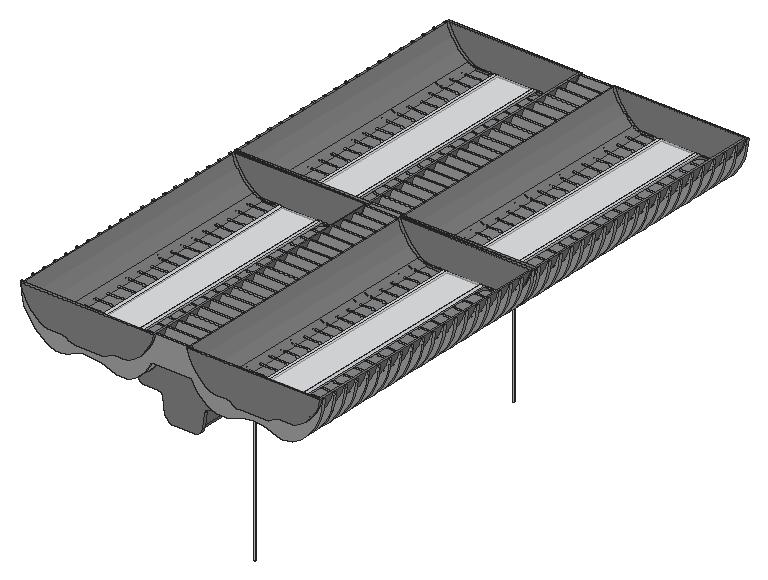
Revit family "0039270 Feilo Sylvania Lighting Fixtures SYLBAY LED 4000K 31KLM AISLE DALI", category Lighting Fixtures, host Face, Revit 2017 (continued)
Definition of nested family "SylbayBody"
  Definition of nested family "SlybayRib"
    Forms (mm)
      Extrusion 2, solid, material <- "BodyMaterial"
        sketch origin (0, 0, 0) x (1, 0, 0) y (0, 0, 1)
          loop
            arc (-117.917, -43.728) -> (-121.079, -43.215) -> (-123.917, -41.728) r 10
            line (-123.917, -41.728) -> (-126.583, -39.728)
            arc (-126.583, -39.728) -> (-129.421, -38.242) -> (-132.583, -37.728) r 10
            line (-132.583, -37.728) -> (-145.75, -37.728)
            arc (-145.75, -37.728) -> (-153.193, -36.71) -> (-160.088, -33.728) r 27.697
            arc (-160.088, -33.728) -> (-176.046, -19.314) -> (-185.5, 0) r 56.788
            line (-185.5, 0) -> (-187.5, 0)
        from 1.25 <- "RibExtrusionStart_FEILO" to -1.25 <- "RibExtrusionEnd_FEILO"
    Dimensions and locks
      equal spacing: plane 5, plane 3 "Center (Left/Right)", plane 4
      locked: plane 5 to plane 4 at 375
      locked: plane 6 to plane 7 at 62.478
      locked: plane 6 to plane 8 at 53.728
      equal spacing: plane 10, plane 3 "Center (Left/Right)", plane 9
      plane 3 "Center (Left/Right)" to plane 9 = 102.75 mm
      locked: plane 6 to plane 11 at 33.728
      equal spacing: plane 13, plane 9, plane 12
      locked: plane 14 to plane 8 at 10
      equal spacing: plane 16, plane 9, plane 15
      locked: plane 9 to plane 15 at 20
      locked: plane 17 to plane 14 at 6
      equal spacing: plane 19, plane 9, plane 18
      locked: plane 15 to plane 18 at 8
      equal spacing: plane 21, plane 9, plane 20
      locked: plane 18 to plane 20 at 15
      locked: plane 13 to plane 22 at 5.3
      locked: plane 3 "Center (Left/Right)" to Extrusion 2 sketch curve at 83.982  (x2)
      locked: plane 3 "Center (Left/Right)" to Extrusion 2 sketch curve at 79.005  (x2)
      locked: plane 3 "Center (Left/Right)" to Extrusion 2 sketch curve at 119.907  (x2)
      locked: plane 3 "Center (Left/Right)" to Extrusion 2 sketch curve at 61.405  (x2)
      locked: plane 3 "Center (Left/Right)" to Extrusion 2 sketch curve at 138.973  (x2)
      locked: plane 3 "Center (Left/Right)" to Extrusion 2 sketch curve at 84.583  (x2)
      locked: plane 3 "Center (Left/Right)" to Extrusion 2 sketch curve at 117.917  (x2)
      locked: plane 3 "Center (Left/Right)" to Extrusion 2 sketch curve at 132.583  (x2)
      locked: plane 3 "Center (Left/Right)" to Extrusion 2 sketch curve at 69.917  (x2)
      locked: Extrusion 2 sketch curve to plane 6 at 21.825  (x2)
      locked: Extrusion 2 sketch curve to plane 6 at 0.822  (x2)
      locked: plane 6 to Extrusion 2 sketch curve at 10.994  (x2)
      locked: plane 6 to Extrusion 2 sketch curve at 15.285  (x2)
      locked: plane 6 to Extrusion 2 sketch curve at 31.076  (x2)
      locked: plane 6 to Extrusion 2 sketch curve at 33.728  (x4)
      locked: plane 6 to Extrusion 2 sketch curve at 29.917  (x2)
      locked: plane 6 to Extrusion 2 sketch curve at 47.728  (x4)
      locked: plane 6 to Extrusion 2 sketch curve at 100.413  (x2)
      locked: plane 6 to Extrusion 2 sketch curve at 141.419  (x2)
      locked: plane 3 "Center (Left/Right)" to Extrusion 2 sketch curve at 106.788  (x2)
      locked: plane 3 "Center (Left/Right)" to Extrusion 2 sketch curve at 104.198  (x2)
      locked: plane 3 "Center (Left/Right)" to Extrusion 2 sketch curve at 130.69  (x2)
      locked: Extrusion 2 sketch curve to plane 6 at 14.858  (x2)
      locked: plane 6 to Extrusion 2 sketch curve at 10.032  (x2)
      locked: plane 3 "Center (Left/Right)" to Extrusion 2 sketch curve at 145.75  (x2)
      aligned and locked: plane 2 to Extrusion 1
      aligned and locked: level to Extrusion 1
      aligned and locked: plane 6 to Extrusion 2 sketch curve
      aligned and locked: plane 4 to Extrusion 2 sketch curve
      aligned and locked: plane 17 to Extrusion 2 sketch curve
      aligned and locked: plane 14 to Extrusion 2 sketch curve
      aligned and locked: Extrusion 2 sketch curve to plane 17
      aligned and locked: plane 8 to Extrusion 2 sketch curve  (x3)
      aligned and locked: plane 2 to plane 6
      aligned and locked: plane 20 to Extrusion 2 sketch curve
      aligned and locked: plane 11 to Extrusion 2 sketch curve  (x2)
      aligned and locked: plane 12 to Extrusion 2 sketch curve
      aligned and locked: Extrusion 2 sketch curve to plane 6
      aligned and locked: Extrusion 2 sketch curve to level
      aligned and locked: Extrusion 2 sketch curve to plane 11
    Automatic sketch dimensions
      Extrusion 1 sketch curve to Extrusion 1 sketch curve = 2438.4 mm  (x2)
      Extrusion 2 sketch curve to plane 11 = 0 mm  (x6)
      Extrusion 2 sketch curve to plane 8 = 0 mm  (x7)
      Extrusion 2 sketch curve to plane 17 = 0 mm
      Extrusion 2 sketch curve to plane 5 = 0 mm
      Extrusion 2 sketch curve to plane 14 = 0 mm
      Extrusion 2 sketch curve to plane 17 = 2 mm  (x3)
      Extrusion 2 sketch curve to plane 15 = 1.167 mm
      plane 14 to Extrusion 2 sketch curve = 2 mm  (x3)
      Extrusion 2 sketch curve to plane 19 = 1.167 mm
Definition of nested family "SlybayRib"
  Parameters (values of type "SylbayRib")
    URL = "http://www.feilosylvania.com"
    Type Image = (empty or 0)
    Type Comments = "n/a"
    RibThickness_FEILO = 2.5 mm
    RibExtrusionStart_FEILO = RibThickness_FEILO / 2  # 1.25 mm
    RibExtrusionEnd_FEILO = -RibThickness_FEILO / 2  # -1.25 mm
    RibDistance_FEILO = 0 mm
    Model = ""
    Manufacturer = "Feilo Sylvania"
    Keynote = ""
    Description = "n/a"
    Default Elevation = 1219.2 mm
    Cost = 0
    BodyMaterial = none
    Assembly Code = ""
  Reference planes
    plane 1 "Center (Front/Back)": y = 0
    plane 2: z = 0
    plane 3 "Center (Left/Right)": x = 0
    plane 4: x = -187.5
    plane 5: x = 187.5
    plane 6: z = 0
    plane 7: z = -62.478
    plane 8: z = -53.728
    plane 9: x = -102.75
    plane 10: x = 102.75
    plane 11: z = -33.728
    plane 12: x = -185.5
    plane 13: x = -20
    plane 14: z = -43.728
    plane 15: x = -122.75
    plane 16: x = -82.75
    plane 17: z = -37.728
    plane 18: x = -130.75
    plane 19: x = -74.75
    plane 20: x = -145.75
    plane 21: x = -59.75
    plane 22: x = -25.3
  Forms (mm)
    Extrusion 1, solid
      sketch origin (4.2, 0, 0) x (1, 0, 0) y (0, 1, 0)
        loop
          line (-1219.2, 1219.2) -> (-1219.2, -1219.2) -> (1219.2, -1219.2) -> (1219.2, 1219.2) -> (-1219.2, 1219.2)
      from 0 to -304.8
    Extrusion 2, solid, material <- "BodyMaterial"
      sketch origin (0, 0, 0) x (1, 0, 0) y (0, 0, 1)
        loop
          arc (-187.5, 0) -> (-180.003, -30.129) -> (-159.829, -53.728) r 67.598
          arc (-159.829, -53.728) -> (-143.258, -61.567) -> (-125.169, -58.599) r 30.791
          arc (-125.169, -58.599) -> (-113.533, -54.576) -> (-101.25, -53.728) r 46.777
          arc (-101.25, -53.728) -> (-87.202, -55.765) -> (-73.664, -60.037) r 87.865
          arc (-73.664, -60.037) -> (-55.541, -61.903) -> (-39.258, -53.728) r 32.519
          arc (-39.258, -53.728) -> (-31.199, -44.469) -> (-25.254, -33.728) r 58.361
          line (-25.254, -33.728) -> (25.254, -33.728)
          arc (25.254, -33.728) -> (31.199, -44.469) -> (39.258, -53.728) r 58.361
          arc (39.258, -53.728) -> (55.541, -61.903) -> (73.664, -60.037) r 32.519
          arc (73.664, -60.037) -> (87.202, -55.765) -> (101.25, -53.728) r 87.865
          arc (101.25, -53.728) -> (113.533, -54.576) -> (125.169, -58.599) r 46.777
          arc (125.169, -58.599) -> (143.258, -61.567) -> (159.829, -53.728) r 30.791
          arc (159.829, -53.728) -> (180.003, -30.129) -> (187.5, 0) r 67.598
          line (187.5, 0) -> (185.5, 0)
          arc (185.5, 0) -> (176.046, -19.314) -> (160.088, -33.728) r 56.788
          arc (160.088, -33.728) -> (153.193, -36.71) -> (145.75, -37.728) r 27.697
          line (145.75, -37.728) -> (132.583, -37.728)
          arc (132.583, -37.728) -> (129.421, -38.242) -> (126.583, -39.728) r 10
          line (126.583, -39.728) -> (123.917, -41.728)
          arc (123.917, -41.728) -> (121.079, -43.215) -> (117.917, -43.728) r 10
          line (117.917, -43.728) -> (84.583, -43.728)
          arc (84.583, -43.728) -> (81.421, -43.215) -> (78.583, -41.728) r 10
          line (78.583, -41.728) -> (75.917, -39.728)
          arc (75.917, -39.728) -> (73.079, -38.242) -> (69.917, -37.728) r 10
          line (69.917, -37.728) -> (58.25, -37.728)
          arc (58.25, -37.728) -> (51.55, -36.705) -> (45.461, -33.728) r 22.443
          arc (45.461, -33.728) -> (30.027, -18.905) -> (20, 0) r 67.602
          line (20, 0) -> (-20, 0)
          arc (-20, 0) -> (-30.027, -18.905) -> (-45.461, -33.728) r 67.602
          arc (-45.461, -33.728) -> (-51.55, -36.705) -> (-58.25, -37.728) r 22.443
          line (-58.25, -37.728) -> (-69.917, -37.728)
          arc (-69.917, -37.728) -> (-73.079, -38.242) -> (-75.917, -39.728) r 10
          line (-75.917, -39.728) -> (-78.583, -41.728)
          arc (-78.583, -41.728) -> (-81.421, -43.215) -> (-84.583, -43.728) r 10
          line (-84.583, -43.728) -> (-117.917, -43.728)
          arc (-117.917, -43.728) -> (-121.079, -43.215) -> (-123.917, -41.728) r 10
          line (-123.917, -41.728) -> (-126.583, -39.728)
          arc (-126.583, -39.728) -> (-129.421, -38.242) -> (-132.583, -37.728) r 10
          line (-132.583, -37.728) -> (-145.75, -37.728)
          arc (-145.75, -37.728) -> (-153.193, -36.71) -> (-160.088, -33.728) r 27.697
          arc (-160.088, -33.728) -> (-176.046, -19.314) -> (-185.5, 0) r 56.788
          line (-185.5, 0) -> (-187.5, 0)
      from 1.25 <- "RibExtrusionStart_FEILO" to -1.25 <- "RibExtrusionEnd_FEILO"
  Dimensions and locks
    equal spacing: plane 5, plane 3 "Center (Left/Right)", plane 4
    locked: plane 5 to plane 4 at 375
    locked: plane 6 to plane 7 at 62.478
    locked: plane 6 to plane 8 at 53.728
    equal spacing: plane 10, plane 3 "Center (Left/Right)", plane 9
    plane 3 "Center (Left/Right)" to plane 9 = 102.75 mm
    locked: plane 6 to plane 11 at 33.728
    equal spacing: plane 13, plane 9, plane 12
    locked: plane 14 to plane 8 at 10
    equal spacing: plane 16, plane 9, plane 15
    locked: plane 9 to plane 15 at 20
    locked: plane 17 to plane 14 at 6
    equal spacing: plane 19, plane 9, plane 18
    locked: plane 15 to plane 18 at 8
    equal spacing: plane 21, plane 9, plane 20
    locked: plane 18 to plane 20 at 15
    locked: plane 13 to plane 22 at 5.3
    locked: plane 3 "Center (Left/Right)" to Extrusion 2 sketch curve at 83.982  (x2)
    locked: plane 3 "Center (Left/Right)" to Extrusion 2 sketch curve at 79.005  (x2)
    locked: plane 3 "Center (Left/Right)" to Extrusion 2 sketch curve at 119.907  (x2)
    locked: plane 3 "Center (Left/Right)" to Extrusion 2 sketch curve at 61.405  (x2)
    locked: plane 3 "Center (Left/Right)" to Extrusion 2 sketch curve at 138.973  (x2)
    locked: plane 3 "Center (Left/Right)" to Extrusion 2 sketch curve at 84.583  (x2)
    locked: plane 3 "Center (Left/Right)" to Extrusion 2 sketch curve at 117.917  (x2)
    locked: plane 3 "Center (Left/Right)" to Extrusion 2 sketch curve at 132.583  (x2)
    locked: plane 3 "Center (Left/Right)" to Extrusion 2 sketch curve at 69.917  (x2)
    locked: Extrusion 2 sketch curve to plane 6 at 21.825  (x2)
    locked: Extrusion 2 sketch curve to plane 6 at 0.822  (x2)
    locked: plane 6 to Extrusion 2 sketch curve at 10.994  (x2)
    locked: plane 6 to Extrusion 2 sketch curve at 15.285  (x2)
    locked: plane 6 to Extrusion 2 sketch curve at 31.076  (x2)
    locked: plane 6 to Extrusion 2 sketch curve at 33.728  (x4)
    locked: plane 6 to Extrusion 2 sketch curve at 29.917  (x2)
    locked: plane 6 to Extrusion 2 sketch curve at 47.728  (x4)
    locked: plane 6 to Extrusion 2 sketch curve at 100.413  (x2)
    locked: plane 6 to Extrusion 2 sketch curve at 141.419  (x2)
    locked: plane 3 "Center (Left/Right)" to Extrusion 2 sketch curve at 106.788  (x2)
    locked: plane 3 "Center (Left/Right)" to Extrusion 2 sketch curve at 104.198  (x2)
    locked: plane 3 "Center (Left/Right)" to Extrusion 2 sketch curve at 130.69  (x2)
    locked: Extrusion 2 sketch curve to plane 6 at 14.858  (x2)
    locked: plane 6 to Extrusion 2 sketch curve at 10.032  (x2)
    locked: plane 3 "Center (Left/Right)" to Extrusion 2 sketch curve at 145.75  (x2)
    aligned and locked: plane 2 to Extrusion 1
    aligned and locked: level to Extrusion 1
    aligned and locked: plane 6 to Extrusion 2 sketch curve
    aligned and locked: plane 4 to Extrusion 2 sketch curve
    aligned and locked: plane 17 to Extrusion 2 sketch curve
    aligned and locked: plane 14 to Extrusion 2 sketch curve
    aligned and locked: Extrusion 2 sketch curve to plane 17
    aligned and locked: plane 8 to Extrusion 2 sketch curve  (x3)
    aligned and locked: plane 2 to plane 6
    aligned and locked: plane 20 to Extrusion 2 sketch curve
    aligned and locked: plane 11 to Extrusion 2 sketch curve  (x2)
    aligned and locked: plane 12 to Extrusion 2 sketch curve
    aligned and locked: Extrusion 2 sketch curve to plane 6
    aligned and locked: Extrusion 2 sketch curve to level
    aligned and locked: Extrusion 2 sketch curve to plane 11
  Automatic sketch dimensions
    Extrusion 1 sketch curve to Extrusion 1 sketch curve = 2438.4 mm  (x2)
    Extrusion 2 sketch curve to plane 11 = 0 mm  (x6)
    Extrusion 2 sketch curve to plane 8 = 0 mm  (x7)
    Extrusion 2 sketch curve to plane 17 = 0 mm
    Extrusion 2 sketch curve to plane 5 = 0 mm
    Extrusion 2 sketch curve to plane 14 = 0 mm
    Extrusion 2 sketch curve to plane 17 = 2 mm  (x3)
    Extrusion 2 sketch curve to plane 15 = 1.167 mm
    plane 14 to Extrusion 2 sketch curve = 2 mm  (x3)
    Extrusion 2 sketch curve to plane 19 = 1.167 mm
